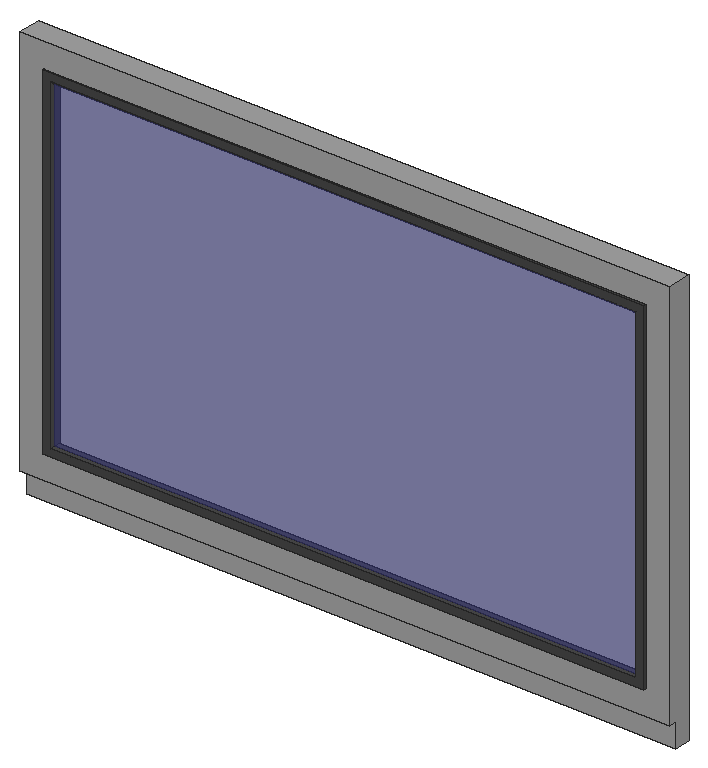
Revit family "3093150c8aac4e9a861d9c6ee80cbdf0", category Furniture, Revit 2025
Family settings
  Work Plane-Based = No
  Enable Cutting in Views = No
  Always vertical = Yes
  Cut with Voids When Loaded = No
  Render Appearance Source = Family Geometry
  Shared = No
  Room Calculation Point = No
Parameters (values of type "42"")
  Keynote = "N"
  Material Cabinet = Plastic - Gray
  Default Elevation = 0 mm
  Assembly Code = "E2020200"
  Depth = 88.9 mm
  Height = 660.4 mm
  Width = 1028.7 mm
Types (3, lengths in mm): name | Height | Width
  (no name) | 660.4 | 1028.7
  42" | 660.4 | 1028.7
  50" | 762 | 1206.5
Reference planes
  plane 1 "Center (Front/Back)": y = 0
  plane 2: z = 0
  plane 3 "Center (Left/Right)": x = 57.15
  plane 4: z = 660.4
  plane 5 "Left": x = -457.2
  plane 6 "Right": x = 571.5
  plane 7: y = -88.9
  plane 8: y = -76.2
  plane 9: z = 38.1
  plane 10: y = -50.8
  plane 11: z = 571.5
  plane 12: z = 609.6
  plane 13: x = -406.4
  plane 14: x = 520.7
Forms (mm)
  Extrusion 1, solid, material "Plastic - Gray" <- "Material Cabinet"
    sketch origin (0, 0, 0) x (1, 0, 0) y (0, 1, 0)
      loop
        line (-457.2, -50.8) -> (-457.2, -88.9) -> (571.5, -88.9) -> (571.5, -50.8) -> (-457.2, -50.8)
    from 0 to 660.4
  Extrusion 2, void
    sketch origin (-457.2, -88.9, 660.4) x (0, 0, 1) y (1, 0, 0)
      loop
        line (-38.1, 38.1) -> (-38.1, 990.6) -> (-584.2, 990.6) -> (-584.2, 38.1) -> (-38.1, 38.1)
    from 0 to 14.728
  Extrusion 3, solid, material "Glass"
    sketch origin (-457.2, -88.9, 660.4) x (0, 0, -1) y (1, 0, 0)
      loop
        line (50.8, 50.8) -> (571.5, 50.8) -> (571.5, 977.9) -> (50.8, 977.9) -> (50.8, 50.8)
    from -14.728 to 0
  Extrusion 4, void
    sketch origin (-457.2, -50.8, 660.4) x (0, 0, 1) y (0, -1, 0)
      loop
        line (-622.3, 25.4) -> (-622.3, 38.1) -> (-660.4, 38.1) -> (-660.4, 25.4) -> (-622.3, 25.4)
    from 0 to 1028.7
  Extrusion 5, solid
    sketch origin (-457.2, -50.8, 660.4) x (0, 0, -1) y (0, -1, 0)
      loop
        line (50.8, 0) -> (85.531, -50.8) -> (622.3, -50.8) -> (622.3, 0) -> (50.8, 0)
    from -977.9 to -50.8
  Sweep 6, solid, material "Plastic - Black"
    path in 3D
      loop
        line (533.4, -88.9, 76.2) -> (533.4, -88.9, 621.506) -> (-419.1, -88.9, 621.506) -> (-419.1, -88.9, 76.2) -> (533.4, -88.9, 76.2)
    profile origin (57.15, -88.9, 76.2) x (0, 0, 1) y (0, -1, 0)
      loop
        line (0, -14.728) -> (12.7, -14.728) -> (12.7, 0) -> (15.875, 0) -> (12.7, 3.175) -> (0, 3.175) -> (0, -14.728)
Cuts and joins
  Extrusion 2, Extrusion 4 cuts Extrusion 1
  Extrusion 4 cuts Extrusion 3
Lines and regions (mm)
  Masking region 1
    outline origin (0, 0, 0) x (1, 0, 0) y (0, 1, 0)
      loop
        line (571.5, -50.8) -> (520.7, -50.8) -> (520.7, 0) -> (-406.4, 0) -> (-406.4, -50.8) -> (-457.2, -50.8) -> (-457.2, -88.9) -> (571.5, -88.9) -> (571.5, -50.8)
  model lines
    curve 1: line (-419.1, -88.9, 76.2) -> (533.4, -88.9, 76.2)
    curve 2: line (-419.1, -88.9, 621.506) -> (-419.1, -88.9, 76.2)
    curve 3: line (533.4, -88.9, 621.506) -> (-419.1, -88.9, 621.506)
    curve 4: line (533.4, -88.9, 76.2) -> (533.4, -88.9, 621.506)
  sketch lines
    curve 5: line (-419.1, -88.9, 76.2) -> (533.4, -88.9, 76.2)
    curve 6: line (533.4, -88.9, 76.2) -> (533.4, -88.9, 621.506)
    curve 7: line (533.4, -88.9, 621.506) -> (-419.1, -88.9, 621.506)
    curve 8: line (-419.1, -88.9, 621.506) -> (-419.1, -88.9, 76.2)
  symbolic lines
    curve 9: line (571.5, -50.8, 0) -> (-457.2, -50.8, 0)
    curve 10: line (-406.4, 0, 0) -> (-406.4, -50.8, 0)
    curve 11: line (520.7, 0, 0) -> (-406.4, 0, 0)
    curve 12: line (520.7, -50.8, 0) -> (520.7, 0, 0)
    curve 13: line (571.5, -88.9, 0) -> (571.5, -50.8, 0)
    curve 14: line (-457.2, -88.9, 0) -> (571.5, -88.9, 0)
    curve 15: line (-457.2, -50.8, 0) -> (-457.2, -88.9, 0)
Dimensions and locks
  "Height": plane 4 to plane 2
  "Width": plane 5 "Left" to plane 6 "Right"
  equal spacing: plane 5 "Left", plane 3 "Center (Left/Right)", plane 6 "Right"
  "Depth": plane 1 "Center (Front/Back)" to plane 7
  locked: plane 8 to plane 7 at 12.7
  plane 9 to cut or joined group of Extrusion 1, Extrusion 2, Extrusion 4 = 38.1 mm
  plane 10 to plane 7 = 38.1 mm
  locked: plane 11 to plane 4 at 88.9
  locked: plane 5 "Left" to plane 13 at 50.8
  locked: plane 14 to plane 6 "Right" at 50.8
  locked: Extrusion 2 sketch curve to plane 5 "Left" at 38.1
  locked: Extrusion 2 sketch curve to plane 6 "Right" at 38.1
  locked: Extrusion 2 sketch curve to plane 9 at 38.1
  locked: plane 4 to Extrusion 2 sketch curve at 38.1
  locked: plane 4 to Extrusion 3 sketch curve at 50.8
  locked: Extrusion 3 sketch curve to plane 9 at 50.8
  plane 7 to Sweep 6 sketch curve = 3.175 mm
  aligned and locked: Extrusion 1 to plane 4
  aligned and locked: Extrusion 2 sketch curve to curve 2
  aligned and locked: Extrusion 1 to plane 7
  aligned and locked: Extrusion 1 sketch curve to plane 5 "Left"
  aligned and locked: plane 6 "Right" to Extrusion 1 sketch curve
  aligned and locked: plane 8 to Extrusion 4 sketch curve
  aligned and locked: plane 9 to Extrusion 4 sketch curve
  aligned and locked: Extrusion 4 sketch curve to cut or joined group of Extrusion 1, Extrusion 2, Extrusion 4
  aligned and locked: cut or joined group of Extrusion 1, Extrusion 2, Extrusion 4 to Extrusion 4 sketch curve
  aligned and locked: plane 10 to Extrusion 1
  aligned and locked: Extrusion 5 sketch curve to plane 10
  aligned and locked: Extrusion 5 sketch curve to plane 1 "Center (Front/Back)"
  aligned and locked: Extrusion 5 sketch curve to plane 9
  aligned and locked: cut or joined group of Extrusion 3, Extrusion 4 to Extrusion 5
  aligned and locked: Extrusion 5 to cut or joined group of Extrusion 3, Extrusion 4
  aligned and locked: Extrusion 3 sketch curve to plane 13
  aligned and locked: plane 14 to Extrusion 3 sketch curve
  aligned and locked: cut or joined group of Extrusion 1, Extrusion 2, Extrusion 4 to plane 6 "Right"
  aligned and locked: Extrusion 1 to Extrusion 4
  aligned and locked: Sweep 6 sketch curve to profile plane
  aligned and locked: Sweep 6 sketch curve to cut or joined group of Extrusion 1, Extrusion 2, Extrusion 4
  aligned and locked: curve 9 to cut or joined group of Extrusion 1, Extrusion 2, Extrusion 4
  aligned and locked: curve 10 to Extrusion 5
  aligned and locked: curve 11 to Extrusion 5
  aligned and locked: curve 12 to Extrusion 5
  aligned and locked: curve 13 to cut or joined group of Extrusion 1, Extrusion 2, Extrusion 4
  aligned and locked: curve 14 to cut or joined group of Extrusion 1, Extrusion 2, Extrusion 4
  aligned and locked: curve 15 to cut or joined group of Extrusion 1, Extrusion 2, Extrusion 4
  aligned and locked: Masking region 1 sketch curve to cut or joined group of Extrusion 1, Extrusion 2, Extrusion 4  (x4)
  aligned and locked: Masking region 1 sketch curve to Extrusion 5  (x3)
Automatic sketch dimensions
  curve 1 to Extrusion 1 = 38.1 mm
  Extrusion 1 to curve 3 = 38.1 mm
  Extrusion 1 to curve 2 = 76.2 mm
  Extrusion 1 to curve 4 = 38.894 mm
  Extrusion 1 sketch curve to plane 7 = 0 mm
  plane 1 "Center (Front/Back)" to Extrusion 1 sketch curve = 50.8 mm
  Extrusion 1 to Extrusion 5 sketch curve = 50.8 mm
  Extrusion 5 sketch curve to Extrusion 5 sketch curve = 34.731 mm
  Sweep 6 sketch curve to profile plane = 12.7 mm
  Sweep 6 sketch curve to Sweep 6 sketch curve = 0 mm
  Sweep 6 sketch curve to Sweep 6 sketch curve = 3.175 mm
  Sweep 6 sketch curve to profile plane = 0 mm
  curve 10 to plane 1 "Center (Front/Back)" = 0 mm
  curve 10 to plane 13 = 0 mm
  curve 9 to plane 6 "Right" = 0 mm
  curve 9 to plane 10 = 0 mm
  curve 11 to plane 14 = 0 mm
  curve 13 to plane 7 = 0 mm
  curve 14 to plane 5 "Left" = 0 mm
  Masking region 1 sketch curve to plane 10 = 0 mm
